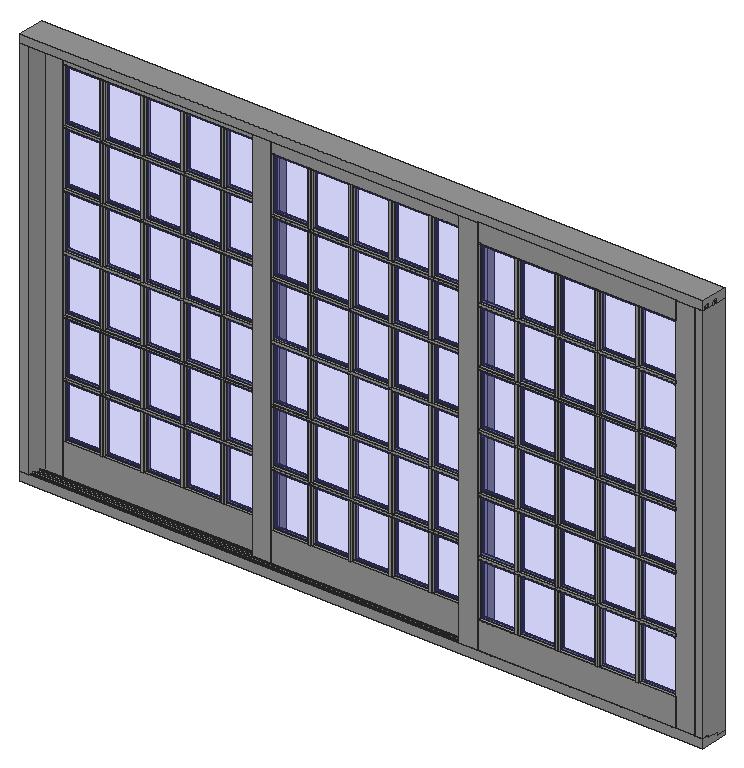
Revit family "VSD3.6SPTS LH", category Doors, host Wall, Revit 2015 (continued)
Forms (mm)
  Sweep 63, solid, material "Lauan, Meranti"
    path origin (625.308, -120, -1078.763) x (-1, 0, 0) y (0, 0, -1)
      loop
        line (315.535, -2740.763) -> (513.395, -2740.763) -> (513.395, -2456.763) -> (315.535, -2456.763) -> (315.535, -2740.763)
    profile origin (210.843, -120, 1662) x (0, 0, -1) y (0, -1, 0)
      loop
        line (9, -124.5) -> (0, -124.5) -> (0, -132.5)
        arc (0, -132.5) -> (4.67, -130.866) -> (7, -126.5) r 6.807
        line (7, -126.5) -> (9, -126.5) -> (9, -124.5)
  Sweep 64, solid, material "Lauan, Meranti"
    path origin (836.168, -120, -1078.763) x (-1, 0, 0) y (0, 0, -1)
      loop
        line (315.535, -2740.763) -> (513.395, -2740.763) -> (513.395, -2456.763) -> (315.535, -2456.763) -> (315.535, -2740.763)
    profile origin (421.703, -120, 1662) x (0, 0, -1) y (0, -1, 0)
      loop
        line (9, -124.5) -> (0, -124.5) -> (0, -132.5)
        arc (0, -132.5) -> (4.67, -130.866) -> (7, -126.5) r 6.807
        line (7, -126.5) -> (9, -126.5) -> (9, -124.5)
  Sweep 65, solid, material "Lauan, Meranti"
    path origin (-7.272, -120, -1375.763) x (-1, 0, 0) y (0, 0, -1)
      loop
        line (315.535, -2740.763) -> (513.395, -2740.763) -> (513.395, -2456.763) -> (315.535, -2456.763) -> (315.535, -2740.763)
    profile origin (-421.737, -120, 1365) x (0, 0, -1) y (0, -1, 0)
      loop
        line (9, -124.5) -> (0, -124.5) -> (0, -132.5)
        arc (0, -132.5) -> (4.67, -130.866) -> (7, -126.5) r 6.807
        line (7, -126.5) -> (9, -126.5) -> (9, -124.5)
  Extrusion 66, solid, material "Lauan, Meranti"
    sketch origin (248.333, -45, -594) x (-1, 0, 0) y (0, -1, 0)
      loop
        line (558.14, -31) -> (558.14, -33)
        arc (558.14, -33) -> (553.47, -34.634) -> (551.14, -39) r 6.807
        line (551.14, -39) -> (549.14, -39) -> (549.14, -41) -> (558.14, -41) -> (558.14, -71) -> (571.14, -71) -> (571.14, -41) -> (580.14, -41) -> (580.14, -39) -> (578.14, -39)
        arc (578.14, -39) -> (575.81, -34.634) -> (571.14, -33) r 6.807
        line (571.14, -33) -> (571.14, -31) -> (558.14, -31)
      loop
        line (347.28, -31) -> (347.28, -33)
        arc (347.28, -33) -> (342.61, -34.634) -> (340.28, -39) r 6.807
        line (340.28, -39) -> (338.28, -39) -> (338.28, -41) -> (347.28, -41) -> (347.28, -71) -> (360.28, -71) -> (360.28, -41) -> (369.28, -41) -> (369.28, -39) -> (367.28, -39)
        arc (367.28, -39) -> (364.95, -34.634) -> (360.28, -33) r 6.807
        line (360.28, -33) -> (360.28, -31) -> (347.28, -31)
      loop
        line (136.42, -31) -> (136.42, -33)
        arc (136.42, -33) -> (131.75, -34.634) -> (129.42, -39) r 6.807
        line (129.42, -39) -> (127.42, -39) -> (127.42, -41) -> (136.42, -41) -> (136.42, -71) -> (149.42, -71) -> (149.42, -41) -> (158.42, -41) -> (158.42, -39) -> (156.42, -39)
        arc (156.42, -39) -> (154.09, -34.634) -> (149.42, -33) r 6.807
        line (149.42, -33) -> (149.42, -31) -> (136.42, -31)
      loop
        line (-74.44, -31) -> (-74.44, -33)
        arc (-74.44, -33) -> (-79.11, -34.634) -> (-81.44, -39) r 6.807
        line (-81.44, -39) -> (-83.44, -39) -> (-83.44, -41) -> (-74.44, -41) -> (-74.44, -71) -> (-61.44, -71) -> (-61.44, -41) -> (-52.44, -41) -> (-52.44, -39) -> (-54.44, -39)
        arc (-54.44, -39) -> (-56.77, -34.634) -> (-61.44, -33) r 6.807
        line (-61.44, -33) -> (-61.44, -31) -> (-74.44, -31)
    from 1675 to 1959
  Sweep 67, solid, material "Lauan, Meranti"
    path origin (203.588, -120, -1375.763) x (-1, 0, 0) y (0, 0, -1)
      loop
        line (315.535, -2740.763) -> (513.395, -2740.763) -> (513.395, -2456.763) -> (315.535, -2456.763) -> (315.535, -2740.763)
    profile origin (-210.877, -120, 1365) x (0, 0, -1) y (0, -1, 0)
      loop
        line (9, -124.5) -> (0, -124.5) -> (0, -132.5)
        arc (0, -132.5) -> (4.67, -130.866) -> (7, -126.5) r 6.807
        line (7, -126.5) -> (9, -126.5) -> (9, -124.5)
  Sweep 68, solid, material "Lauan, Meranti"
    path origin (414.448, -120, -1375.763) x (-1, 0, 0) y (0, 0, -1)
      loop
        line (315.535, -2740.763) -> (513.395, -2740.763) -> (513.395, -2456.763) -> (315.535, -2456.763) -> (315.535, -2740.763)
    profile origin (-0.017, -120, 1365) x (0, 0, -1) y (0, -1, 0)
      loop
        line (9, -124.5) -> (0, -124.5) -> (0, -132.5)
        arc (0, -132.5) -> (4.67, -130.866) -> (7, -126.5) r 6.807
        line (7, -126.5) -> (9, -126.5) -> (9, -124.5)
  Sweep 69, solid, material "Lauan, Meranti"
    path origin (625.308, -120, -1375.763) x (-1, 0, 0) y (0, 0, -1)
      loop
        line (315.535, -2740.763) -> (513.395, -2740.763) -> (513.395, -2456.763) -> (315.535, -2456.763) -> (315.535, -2740.763)
    profile origin (210.843, -120, 1365) x (0, 0, -1) y (0, -1, 0)
      loop
        line (9, -124.5) -> (0, -124.5) -> (0, -132.5)
        arc (0, -132.5) -> (4.67, -130.866) -> (7, -126.5) r 6.807
        line (7, -126.5) -> (9, -126.5) -> (9, -124.5)
  Sweep 70, solid, material "Lauan, Meranti"
    path origin (836.168, -120, -1375.763) x (-1, 0, 0) y (0, 0, -1)
      loop
        line (315.535, -2740.763) -> (513.395, -2740.763) -> (513.395, -2456.763) -> (315.535, -2456.763) -> (315.535, -2740.763)
    profile origin (421.703, -120, 1365) x (0, 0, -1) y (0, -1, 0)
      loop
        line (9, -124.5) -> (0, -124.5) -> (0, -132.5)
        arc (0, -132.5) -> (4.67, -130.866) -> (7, -126.5) r 6.807
        line (7, -126.5) -> (9, -126.5) -> (9, -124.5)
  Sweep 71, solid, material "Lauan, Meranti"
    path origin (-7.272, -120, -1672.763) x (-1, 0, 0) y (0, 0, -1)
      loop
        line (315.535, -2740.763) -> (513.395, -2740.763) -> (513.395, -2456.763) -> (315.535, -2456.763) -> (315.535, -2740.763)
    profile origin (-421.737, -120, 1068) x (0, 0, -1) y (0, -1, 0)
      loop
        line (9, -124.5) -> (0, -124.5) -> (0, -132.5)
        arc (0, -132.5) -> (4.67, -130.866) -> (7, -126.5) r 6.807
        line (7, -126.5) -> (9, -126.5) -> (9, -124.5)
  Extrusion 72, solid, material "Lauan, Meranti"
    sketch origin (248.333, -45, -891) x (-1, 0, 0) y (0, -1, 0)
      loop
        line (558.14, -31) -> (558.14, -33)
        arc (558.14, -33) -> (553.47, -34.634) -> (551.14, -39) r 6.807
        line (551.14, -39) -> (549.14, -39) -> (549.14, -41) -> (558.14, -41) -> (558.14, -71) -> (571.14, -71) -> (571.14, -41) -> (580.14, -41) -> (580.14, -39) -> (578.14, -39)
        arc (578.14, -39) -> (575.81, -34.634) -> (571.14, -33) r 6.807
        line (571.14, -33) -> (571.14, -31) -> (558.14, -31)
      loop
        line (347.28, -31) -> (347.28, -33)
        arc (347.28, -33) -> (342.61, -34.634) -> (340.28, -39) r 6.807
        line (340.28, -39) -> (338.28, -39) -> (338.28, -41) -> (347.28, -41) -> (347.28, -71) -> (360.28, -71) -> (360.28, -41) -> (369.28, -41) -> (369.28, -39) -> (367.28, -39)
        arc (367.28, -39) -> (364.95, -34.634) -> (360.28, -33) r 6.807
        line (360.28, -33) -> (360.28, -31) -> (347.28, -31)
      loop
        line (136.42, -31) -> (136.42, -33)
        arc (136.42, -33) -> (131.75, -34.634) -> (129.42, -39) r 6.807
        line (129.42, -39) -> (127.42, -39) -> (127.42, -41) -> (136.42, -41) -> (136.42, -71) -> (149.42, -71) -> (149.42, -41) -> (158.42, -41) -> (158.42, -39) -> (156.42, -39)
        arc (156.42, -39) -> (154.09, -34.634) -> (149.42, -33) r 6.807
        line (149.42, -33) -> (149.42, -31) -> (136.42, -31)
      loop
        line (-74.44, -31) -> (-74.44, -33)
        arc (-74.44, -33) -> (-79.11, -34.634) -> (-81.44, -39) r 6.807
        line (-81.44, -39) -> (-83.44, -39) -> (-83.44, -41) -> (-74.44, -41) -> (-74.44, -71) -> (-61.44, -71) -> (-61.44, -41) -> (-52.44, -41) -> (-52.44, -39) -> (-54.44, -39)
        arc (-54.44, -39) -> (-56.77, -34.634) -> (-61.44, -33) r 6.807
        line (-61.44, -33) -> (-61.44, -31) -> (-74.44, -31)
    from 1675 to 1959
  Sweep 73, solid, material "Lauan, Meranti"
    path origin (203.588, -120, -1672.763) x (-1, 0, 0) y (0, 0, -1)
      loop
        line (315.535, -2740.763) -> (513.395, -2740.763) -> (513.395, -2456.763) -> (315.535, -2456.763) -> (315.535, -2740.763)
    profile origin (-210.877, -120, 1068) x (0, 0, -1) y (0, -1, 0)
      loop
        line (9, -124.5) -> (0, -124.5) -> (0, -132.5)
        arc (0, -132.5) -> (4.67, -130.866) -> (7, -126.5) r 6.807
        line (7, -126.5) -> (9, -126.5) -> (9, -124.5)
  Sweep 74, solid, material "Lauan, Meranti"
    path origin (414.448, -120, -1672.763) x (-1, 0, 0) y (0, 0, -1)
      loop
        line (315.535, -2740.763) -> (513.395, -2740.763) -> (513.395, -2456.763) -> (315.535, -2456.763) -> (315.535, -2740.763)
    profile origin (-0.017, -120, 1068) x (0, 0, -1) y (0, -1, 0)
      loop
        line (9, -124.5) -> (0, -124.5) -> (0, -132.5)
        arc (0, -132.5) -> (4.67, -130.866) -> (7, -126.5) r 6.807
        line (7, -126.5) -> (9, -126.5) -> (9, -124.5)
  Sweep 75, solid, material "Lauan, Meranti"
    path origin (625.308, -120, -1672.763) x (-1, 0, 0) y (0, 0, -1)
      loop
        line (315.535, -2740.763) -> (513.395, -2740.763) -> (513.395, -2456.763) -> (315.535, -2456.763) -> (315.535, -2740.763)
    profile origin (210.843, -120, 1068) x (0, 0, -1) y (0, -1, 0)
      loop
        line (9, -124.5) -> (0, -124.5) -> (0, -132.5)
        arc (0, -132.5) -> (4.67, -130.866) -> (7, -126.5) r 6.807
        line (7, -126.5) -> (9, -126.5) -> (9, -124.5)
  Sweep 76, solid, material "Lauan, Meranti"
    path origin (836.168, -120, -1672.763) x (-1, 0, 0) y (0, 0, -1)
      loop
        line (315.535, -2740.763) -> (513.395, -2740.763) -> (513.395, -2456.763) -> (315.535, -2456.763) -> (315.535, -2740.763)
    profile origin (421.703, -120, 1068) x (0, 0, -1) y (0, -1, 0)
      loop
        line (9, -124.5) -> (0, -124.5) -> (0, -132.5)
        arc (0, -132.5) -> (4.67, -130.866) -> (7, -126.5) r 6.807
        line (7, -126.5) -> (9, -126.5) -> (9, -124.5)
  Sweep 77, solid, material "Lauan, Meranti"
    path origin (-7.272, -120, -1969.763) x (-1, 0, 0) y (0, 0, -1)
      loop
        line (315.535, -2740.763) -> (513.395, -2740.763) -> (513.395, -2456.763) -> (315.535, -2456.763) -> (315.535, -2740.763)
    profile origin (-421.737, -120, 771) x (0, 0, -1) y (0, -1, 0)
      loop
        line (9, -124.5) -> (0, -124.5) -> (0, -132.5)
        arc (0, -132.5) -> (4.67, -130.866) -> (7, -126.5) r 6.807
        line (7, -126.5) -> (9, -126.5) -> (9, -124.5)
  Extrusion 78, solid, material "Lauan, Meranti"
    sketch origin (248.333, -45, -1188) x (-1, 0, 0) y (0, -1, 0)
      loop
        line (558.14, -31) -> (558.14, -33)
        arc (558.14, -33) -> (553.47, -34.634) -> (551.14, -39) r 6.807
        line (551.14, -39) -> (549.14, -39) -> (549.14, -41) -> (558.14, -41) -> (558.14, -71) -> (571.14, -71) -> (571.14, -41) -> (580.14, -41) -> (580.14, -39) -> (578.14, -39)
        arc (578.14, -39) -> (575.81, -34.634) -> (571.14, -33) r 6.807
        line (571.14, -33) -> (571.14, -31) -> (558.14, -31)
      loop
        line (347.28, -31) -> (347.28, -33)
        arc (347.28, -33) -> (342.61, -34.634) -> (340.28, -39) r 6.807
        line (340.28, -39) -> (338.28, -39) -> (338.28, -41) -> (347.28, -41) -> (347.28, -71) -> (360.28, -71) -> (360.28, -41) -> (369.28, -41) -> (369.28, -39) -> (367.28, -39)
        arc (367.28, -39) -> (364.95, -34.634) -> (360.28, -33) r 6.807
        line (360.28, -33) -> (360.28, -31) -> (347.28, -31)
      loop
        line (136.42, -31) -> (136.42, -33)
        arc (136.42, -33) -> (131.75, -34.634) -> (129.42, -39) r 6.807
        line (129.42, -39) -> (127.42, -39) -> (127.42, -41) -> (136.42, -41) -> (136.42, -71) -> (149.42, -71) -> (149.42, -41) -> (158.42, -41) -> (158.42, -39) -> (156.42, -39)
        arc (156.42, -39) -> (154.09, -34.634) -> (149.42, -33) r 6.807
        line (149.42, -33) -> (149.42, -31) -> (136.42, -31)
      loop
        line (-74.44, -31) -> (-74.44, -33)
        arc (-74.44, -33) -> (-79.11, -34.634) -> (-81.44, -39) r 6.807
        line (-81.44, -39) -> (-83.44, -39) -> (-83.44, -41) -> (-74.44, -41) -> (-74.44, -71) -> (-61.44, -71) -> (-61.44, -41) -> (-52.44, -41) -> (-52.44, -39) -> (-54.44, -39)
        arc (-54.44, -39) -> (-56.77, -34.634) -> (-61.44, -33) r 6.807
        line (-61.44, -33) -> (-61.44, -31) -> (-74.44, -31)
    from 1675 to 1959
  Sweep 79, solid, material "Lauan, Meranti"
    path origin (203.588, -120, -1969.763) x (-1, 0, 0) y (0, 0, -1)
      loop
        line (315.535, -2740.763) -> (513.395, -2740.763) -> (513.395, -2456.763) -> (315.535, -2456.763) -> (315.535, -2740.763)
    profile origin (-210.877, -120, 771) x (0, 0, -1) y (0, -1, 0)
      loop
        line (9, -124.5) -> (0, -124.5) -> (0, -132.5)
        arc (0, -132.5) -> (4.67, -130.866) -> (7, -126.5) r 6.807
        line (7, -126.5) -> (9, -126.5) -> (9, -124.5)
  Sweep 80, solid, material "Lauan, Meranti"
    path origin (414.448, -120, -1969.763) x (-1, 0, 0) y (0, 0, -1)
      loop
        line (315.535, -2740.763) -> (513.395, -2740.763) -> (513.395, -2456.763) -> (315.535, -2456.763) -> (315.535, -2740.763)
    profile origin (-0.017, -120, 771) x (0, 0, -1) y (0, -1, 0)
      loop
        line (9, -124.5) -> (0, -124.5) -> (0, -132.5)
        arc (0, -132.5) -> (4.67, -130.866) -> (7, -126.5) r 6.807
        line (7, -126.5) -> (9, -126.5) -> (9, -124.5)
  Sweep 81, solid, material "Lauan, Meranti"
    path origin (625.308, -120, -1969.763) x (-1, 0, 0) y (0, 0, -1)
      loop
        line (315.535, -2740.763) -> (513.395, -2740.763) -> (513.395, -2456.763) -> (315.535, -2456.763) -> (315.535, -2740.763)
    profile origin (210.843, -120, 771) x (0, 0, -1) y (0, -1, 0)
      loop
        line (9, -124.5) -> (0, -124.5) -> (0, -132.5)
        arc (0, -132.5) -> (4.67, -130.866) -> (7, -126.5) r 6.807
        line (7, -126.5) -> (9, -126.5) -> (9, -124.5)
  Sweep 82, solid, material "Lauan, Meranti"
    path origin (836.168, -120, -1969.763) x (-1, 0, 0) y (0, 0, -1)
      loop
        line (315.535, -2740.763) -> (513.395, -2740.763) -> (513.395, -2456.763) -> (315.535, -2456.763) -> (315.535, -2740.763)
    profile origin (421.703, -120, 771) x (0, 0, -1) y (0, -1, 0)
      loop
        line (9, -124.5) -> (0, -124.5) -> (0, -132.5)
        arc (0, -132.5) -> (4.67, -130.866) -> (7, -126.5) r 6.807
        line (7, -126.5) -> (9, -126.5) -> (9, -124.5)
  Sweep 83, solid, material "Lauan, Meranti"
    path origin (-7.272, -120, -2266.763) x (-1, 0, 0) y (0, 0, -1)
      loop
        line (315.535, -2740.763) -> (513.395, -2740.763) -> (513.395, -2456.763) -> (315.535, -2456.763) -> (315.535, -2740.763)
    profile origin (-421.737, -120, 474) x (0, 0, -1) y (0, -1, 0)
      loop
        line (9, -124.5) -> (0, -124.5) -> (0, -132.5)
        arc (0, -132.5) -> (4.67, -130.866) -> (7, -126.5) r 6.807
        line (7, -126.5) -> (9, -126.5) -> (9, -124.5)
  Extrusion 84, solid, material "Lauan, Meranti"
    sketch origin (248.333, -45, -1485) x (-1, 0, 0) y (0, -1, 0)
      loop
        line (558.14, -31) -> (558.14, -33)
        arc (558.14, -33) -> (553.47, -34.634) -> (551.14, -39) r 6.807
        line (551.14, -39) -> (549.14, -39) -> (549.14, -41) -> (558.14, -41) -> (558.14, -71) -> (571.14, -71) -> (571.14, -41) -> (580.14, -41) -> (580.14, -39) -> (578.14, -39)
        arc (578.14, -39) -> (575.81, -34.634) -> (571.14, -33) r 6.807
        line (571.14, -33) -> (571.14, -31) -> (558.14, -31)
      loop
        line (347.28, -31) -> (347.28, -33)
        arc (347.28, -33) -> (342.61, -34.634) -> (340.28, -39) r 6.807
        line (340.28, -39) -> (338.28, -39) -> (338.28, -41) -> (347.28, -41) -> (347.28, -71) -> (360.28, -71) -> (360.28, -41) -> (369.28, -41) -> (369.28, -39) -> (367.28, -39)
        arc (367.28, -39) -> (364.95, -34.634) -> (360.28, -33) r 6.807
        line (360.28, -33) -> (360.28, -31) -> (347.28, -31)
      loop
        line (136.42, -31) -> (136.42, -33)
        arc (136.42, -33) -> (131.75, -34.634) -> (129.42, -39) r 6.807
        line (129.42, -39) -> (127.42, -39) -> (127.42, -41) -> (136.42, -41) -> (136.42, -71) -> (149.42, -71) -> (149.42, -41) -> (158.42, -41) -> (158.42, -39) -> (156.42, -39)
        arc (156.42, -39) -> (154.09, -34.634) -> (149.42, -33) r 6.807
        line (149.42, -33) -> (149.42, -31) -> (136.42, -31)
      loop
        line (-74.44, -31) -> (-74.44, -33)
        arc (-74.44, -33) -> (-79.11, -34.634) -> (-81.44, -39) r 6.807
        line (-81.44, -39) -> (-83.44, -39) -> (-83.44, -41) -> (-74.44, -41) -> (-74.44, -71) -> (-61.44, -71) -> (-61.44, -41) -> (-52.44, -41) -> (-52.44, -39) -> (-54.44, -39)
        arc (-54.44, -39) -> (-56.77, -34.634) -> (-61.44, -33) r 6.807
        line (-61.44, -33) -> (-61.44, -31) -> (-74.44, -31)
    from 1675 to 1959
  Sweep 85, solid, material "Lauan, Meranti"
    path origin (203.588, -120, -2266.763) x (-1, 0, 0) y (0, 0, -1)
      loop
        line (315.535, -2740.763) -> (513.395, -2740.763) -> (513.395, -2456.763) -> (315.535, -2456.763) -> (315.535, -2740.763)
    profile origin (-210.877, -120, 474) x (0, 0, -1) y (0, -1, 0)
      loop
        line (9, -124.5) -> (0, -124.5) -> (0, -132.5)
        arc (0, -132.5) -> (4.67, -130.866) -> (7, -126.5) r 6.807
        line (7, -126.5) -> (9, -126.5) -> (9, -124.5)
  Sweep 86, solid, material "Lauan, Meranti"
    path origin (414.448, -120, -2266.763) x (-1, 0, 0) y (0, 0, -1)
      loop
        line (315.535, -2740.763) -> (513.395, -2740.763) -> (513.395, -2456.763) -> (315.535, -2456.763) -> (315.535, -2740.763)
    profile origin (-0.017, -120, 474) x (0, 0, -1) y (0, -1, 0)
      loop
        line (9, -124.5) -> (0, -124.5) -> (0, -132.5)
        arc (0, -132.5) -> (4.67, -130.866) -> (7, -126.5) r 6.807
        line (7, -126.5) -> (9, -126.5) -> (9, -124.5)
  Sweep 87, solid, material "Lauan, Meranti"
    path origin (625.308, -120, -2266.763) x (-1, 0, 0) y (0, 0, -1)
      loop
        line (315.535, -2740.763) -> (513.395, -2740.763) -> (513.395, -2456.763) -> (315.535, -2456.763) -> (315.535, -2740.763)
    profile origin (210.843, -120, 474) x (0, 0, -1) y (0, -1, 0)
      loop
        line (9, -124.5) -> (0, -124.5) -> (0, -132.5)
        arc (0, -132.5) -> (4.67, -130.866) -> (7, -126.5) r 6.807
        line (7, -126.5) -> (9, -126.5) -> (9, -124.5)
  Sweep 88, solid, material "Lauan, Meranti"
    path origin (836.168, -120, -2266.763) x (-1, 0, 0) y (0, 0, -1)
      loop
        line (315.535, -2740.763) -> (513.395, -2740.763) -> (513.395, -2456.763) -> (315.535, -2456.763) -> (315.535, -2740.763)
    profile origin (421.703, -120, 474) x (0, 0, -1) y (0, -1, 0)
      loop
        line (9, -124.5) -> (0, -124.5) -> (0, -132.5)
        arc (0, -132.5) -> (4.67, -130.866) -> (7, -126.5) r 6.807
        line (7, -126.5) -> (9, -126.5) -> (9, -124.5)
  Extrusion 89, solid, material "Lauan, Meranti"
    sketch origin (356.667, -54.5, 0) x (0, 1, 0) y (0, 0, -1)
      loop
        line (-15.5, -190) -> (-13.5, -190)
        arc (-13.5, -190) -> (-11.866, -194.67) -> (-7.5, -197) r 6.807
        line (-7.5, -197) -> (-7.5, -199) -> (-5.5, -199) -> (-5.5, -190) -> (24.5, -190) -> (24.5, -45) -> (-15.5, -45) -> (-15.5, -190)
      loop
        arc (-7.5, -1952) -> (-11.866, -1954.33) -> (-13.5, -1959) r 6.807
        line (-13.5, -1959) -> (-15.5, -1959) -> (-15.5, -2055) -> (24.5, -2055) -> (24.5, -1959) -> (-5.5, -1959) -> (-5.5, -1950) -> (-7.5, -1950) -> (-7.5, -1952)
      loop
        line (-15.5, -1675) -> (-13.5, -1675)
        arc (-13.5, -1675) -> (-11.866, -1679.67) -> (-7.5, -1682) r 6.807
        line (-7.5, -1682) -> (-7.5, -1684) -> (-5.5, -1684) -> (-5.5, -1675) -> (24.5, -1675) -> (24.5, -1662) -> (-5.5, -1662) -> (-5.5, -1653) -> (-7.5, -1653) -> (-7.5, -1655)
        arc (-7.5, -1655) -> (-11.866, -1657.33) -> (-13.5, -1662) r 6.807
        line (-13.5, -1662) -> (-15.5, -1662) -> (-15.5, -1675)
      loop
        line (-15.5, -1378) -> (-13.5, -1378)
        arc (-13.5, -1378) -> (-11.866, -1382.67) -> (-7.5, -1385) r 6.807
        line (-7.5, -1385) -> (-7.5, -1387) -> (-5.5, -1387) -> (-5.5, -1378) -> (24.5, -1378) -> (24.5, -1365) -> (-5.5, -1365) -> (-5.5, -1356) -> (-7.5, -1356) -> (-7.5, -1358)
        arc (-7.5, -1358) -> (-11.866, -1360.33) -> (-13.5, -1365) r 6.807
        line (-13.5, -1365) -> (-15.5, -1365) -> (-15.5, -1378)
      loop
        line (-15.5, -1081) -> (-13.5, -1081)
        arc (-13.5, -1081) -> (-11.866, -1085.67) -> (-7.5, -1088) r 6.807
        line (-7.5, -1088) -> (-7.5, -1090) -> (-5.5, -1090) -> (-5.5, -1081) -> (24.5, -1081) -> (24.5, -1068) -> (-5.5, -1068) -> (-5.5, -1059) -> (-7.5, -1059) -> (-7.5, -1061)
        arc (-7.5, -1061) -> (-11.866, -1063.33) -> (-13.5, -1068) r 6.807
        line (-13.5, -1068) -> (-15.5, -1068) -> (-15.5, -1081)
      loop
        line (-15.5, -784) -> (-13.5, -784)
        arc (-13.5, -784) -> (-11.866, -788.67) -> (-7.5, -791) r 6.807
        line (-7.5, -791) -> (-7.5, -793) -> (-5.5, -793) -> (-5.5, -784) -> (24.5, -784) -> (24.5, -771) -> (-5.5, -771) -> (-5.5, -762) -> (-7.5, -762) -> (-7.5, -764)
        arc (-7.5, -764) -> (-11.866, -766.33) -> (-13.5, -771) r 6.807
        line (-13.5, -771) -> (-15.5, -771) -> (-15.5, -784)
      loop
        line (-15.5, -487) -> (-13.5, -487)
        arc (-13.5, -487) -> (-11.866, -491.67) -> (-7.5, -494) r 6.807
        line (-7.5, -494) -> (-7.5, -496) -> (-5.5, -496) -> (-5.5, -487) -> (24.5, -487) -> (24.5, -474) -> (-5.5, -474) -> (-5.5, -465) -> (-7.5, -465) -> (-7.5, -467)
        arc (-7.5, -467) -> (-11.866, -469.33) -> (-13.5, -474) r 6.807
        line (-13.5, -474) -> (-15.5, -474) -> (-15.5, -487)
    from -1292.333 to -251
  Sweep 90, solid, material "Lauan, Meranti"
    path origin (1121.061, -176, -781.763) x (-1, 0, 0) y (0, 0, -1)
      loop
        line (315.535, -2740.763) -> (513.395, -2740.763) -> (513.395, -2456.763) -> (315.535, -2456.763) -> (315.535, -2740.763)
    profile origin (706.597, -176, 1959) x (0, 0, -1) y (0, -1, 0)
      loop
        line (9, -124.5) -> (0, -124.5) -> (0, -132.5)
        arc (0, -132.5) -> (4.67, -130.866) -> (7, -126.5) r 6.807
        line (7, -126.5) -> (9, -126.5) -> (9, -124.5)
  Extrusion 91, solid, material "Glass"
    sketch origin (848.542, -165.05, -73.649) x (-1, 0, 0) y (0, 0, -1)
      loop
        line (240.875, -2032.649) -> (240.875, -1748.649) -> (43.015, -1748.649) -> (43.015, -2032.649) -> (240.875, -2032.649)
      loop
        line (30.015, -2032.649) -> (30.015, -1748.649) -> (-167.845, -1748.649) -> (-167.845, -2032.649) -> (30.015, -2032.649)
      loop
        line (-180.845, -2032.649) -> (-180.845, -1748.649) -> (-378.705, -1748.649) -> (-378.705, -2032.649) -> (-180.845, -2032.649)
      loop
        line (-391.715, -2032.637) -> (-391.715, -1748.649) -> (-589.565, -1748.649) -> (-589.565, -2032.637) -> (-391.715, -2032.637)
      loop
        line (-602.565, -2032.649) -> (-602.565, -1748.649) -> (-800.458, -1748.649) -> (-800.458, -2032.649) -> (-602.565, -2032.649)
      loop
        line (240.875, -1735.649) -> (240.875, -1451.649) -> (43.015, -1451.649) -> (43.015, -1735.649) -> (240.875, -1735.649)
      loop
        line (30.015, -1735.649) -> (30.015, -1451.649) -> (-167.845, -1451.649) -> (-167.845, -1735.649) -> (30.015, -1735.649)
      loop
        line (-180.845, -1735.649) -> (-180.845, -1451.649) -> (-378.705, -1451.649) -> (-378.705, -1735.649) -> (-180.845, -1735.649)
      loop
        line (-391.715, -1735.637) -> (-391.715, -1451.649) -> (-589.565, -1451.649) -> (-589.565, -1735.637) -> (-391.715, -1735.637)
      loop
        line (-602.565, -1735.649) -> (-602.565, -1451.649) -> (-800.458, -1451.649) -> (-800.458, -1735.649) -> (-602.565, -1735.649)
      loop
        line (240.875, -1438.649) -> (240.875, -1154.649) -> (43.015, -1154.649) -> (43.015, -1438.649) -> (240.875, -1438.649)
      loop
        line (30.015, -1438.649) -> (30.015, -1154.649) -> (-167.845, -1154.649) -> (-167.845, -1438.649) -> (30.015, -1438.649)
      loop
        line (-180.845, -1438.649) -> (-180.845, -1154.649) -> (-378.705, -1154.649) -> (-378.705, -1438.649) -> (-180.845, -1438.649)
      loop
        line (-391.715, -1438.637) -> (-391.715, -1154.649) -> (-589.565, -1154.649) -> (-589.565, -1438.637) -> (-391.715, -1438.637)
      loop
        line (-602.565, -1438.649) -> (-602.565, -1154.649) -> (-800.458, -1154.649) -> (-800.458, -1438.649) -> (-602.565, -1438.649)
      loop
        line (240.875, -1141.649) -> (240.875, -857.649) -> (43.015, -857.649) -> (43.015, -1141.649) -> (240.875, -1141.649)
      loop
        line (30.015, -1141.649) -> (30.015, -857.649) -> (-167.845, -857.649) -> (-167.845, -1141.649) -> (30.015, -1141.649)
      loop
        line (-180.845, -1141.649) -> (-180.845, -857.649) -> (-378.705, -857.649) -> (-378.705, -1141.649) -> (-180.845, -1141.649)
      loop
        line (-391.715, -1141.637) -> (-391.715, -857.649) -> (-589.565, -857.649) -> (-589.565, -1141.637) -> (-391.715, -1141.637)
      loop
        line (-602.565, -1141.649) -> (-602.565, -857.649) -> (-800.458, -857.649) -> (-800.458, -1141.649) -> (-602.565, -1141.649)
      loop
        line (240.875, -844.649) -> (240.875, -560.649) -> (43.015, -560.649) -> (43.015, -844.649) -> (240.875, -844.649)
      loop
        line (30.015, -844.649) -> (30.015, -560.649) -> (-167.845, -560.649) -> (-167.845, -844.649) -> (30.015, -844.649)
      loop
        line (-180.845, -844.649) -> (-180.845, -560.649) -> (-378.705, -560.649) -> (-378.705, -844.649) -> (-180.845, -844.649)
      loop
        line (-391.715, -844.637) -> (-391.715, -560.649) -> (-589.565, -560.649) -> (-589.565, -844.637) -> (-391.715, -844.637)
      loop
        line (-602.565, -844.649) -> (-602.565, -560.649) -> (-800.458, -560.649) -> (-800.458, -844.649) -> (-602.565, -844.649)
      loop
        line (240.875, -547.649) -> (240.875, -263.649) -> (43.015, -263.649) -> (43.015, -547.649) -> (240.875, -547.649)
      loop
        line (30.015, -547.649) -> (30.015, -263.649) -> (-167.845, -263.649) -> (-167.845, -547.649) -> (30.015, -547.649)
      loop
        line (-180.845, -547.649) -> (-180.845, -263.649) -> (-378.705, -263.649) -> (-378.705, -547.649) -> (-180.845, -547.649)
      loop
        line (-391.715, -547.637) -> (-391.715, -263.649) -> (-589.565, -263.649) -> (-589.565, -547.637) -> (-391.715, -547.637)
      loop
        line (-602.565, -547.649) -> (-602.565, -263.649) -> (-800.458, -263.649) -> (-800.458, -547.649) -> (-602.565, -547.649)
    from -112.5 to -106.1
  Extrusion 92, solid, material "Lauan, Meranti"
    sketch origin (1376.667, -101, 0) x (-1, 0, 0) y (0, -1, 0)
      loop
        line (558.14, -31) -> (558.14, -33)
        arc (558.14, -33) -> (553.47, -34.634) -> (551.14, -39) r 6.807
        line (551.14, -39) -> (549.14, -39) -> (549.14, -41) -> (558.14, -41) -> (558.14, -71) -> (571.14, -71) -> (571.14, -41) -> (580.14, -41) -> (580.14, -39) -> (578.14, -39)
        arc (578.14, -39) -> (575.81, -34.634) -> (571.14, -33) r 6.807
        line (571.14, -33) -> (571.14, -31) -> (558.14, -31)
      loop
        line (347.28, -31) -> (347.28, -33)
        arc (347.28, -33) -> (342.61, -34.634) -> (340.28, -39) r 6.807
        line (340.28, -39) -> (338.28, -39) -> (338.28, -41) -> (347.28, -41) -> (347.28, -71) -> (360.28, -71) -> (360.28, -41) -> (369.28, -41) -> (369.28, -39) -> (367.28, -39)
        arc (367.28, -39) -> (364.95, -34.634) -> (360.28, -33) r 6.807
        line (360.28, -33) -> (360.28, -31) -> (347.28, -31)
      loop
        line (136.42, -31) -> (136.42, -33)
        arc (136.42, -33) -> (131.75, -34.634) -> (129.42, -39) r 6.807
        line (129.42, -39) -> (127.42, -39) -> (127.42, -41) -> (136.42, -41) -> (136.42, -71) -> (149.42, -71) -> (149.42, -41) -> (158.42, -41) -> (158.42, -39) -> (156.42, -39)
        arc (156.42, -39) -> (154.09, -34.634) -> (149.42, -33) r 6.807
        line (149.42, -33) -> (149.42, -31) -> (136.42, -31)
      loop
        line (-74.44, -31) -> (-74.44, -33)
        arc (-74.44, -33) -> (-79.11, -34.634) -> (-81.44, -39) r 6.807
        line (-81.44, -39) -> (-83.44, -39) -> (-83.44, -41) -> (-74.44, -41) -> (-74.44, -71) -> (-61.44, -71) -> (-61.44, -41) -> (-52.44, -41) -> (-52.44, -39) -> (-54.44, -39)
        arc (-54.44, -39) -> (-56.77, -34.634) -> (-61.44, -33) r 6.807
        line (-61.44, -33) -> (-61.44, -31) -> (-74.44, -31)
    from 1675 to 1959
  Sweep 93, solid, material "Lauan, Meranti"
    path origin (1331.921, -176, -781.763) x (-1, 0, 0) y (0, 0, -1)
      loop
        line (315.535, -2740.763) -> (513.395, -2740.763) -> (513.395, -2456.763) -> (315.535, -2456.763) -> (315.535, -2740.763)
    profile origin (917.457, -176, 1959) x (0, 0, -1) y (0, -1, 0)
      loop
        line (9, -124.5) -> (0, -124.5) -> (0, -132.5)
        arc (0, -132.5) -> (4.67, -130.866) -> (7, -126.5) r 6.807
        line (7, -126.5) -> (9, -126.5) -> (9, -124.5)
  Sweep 94, solid, material "Lauan, Meranti"
    path origin (1542.781, -176, -781.763) x (-1, 0, 0) y (0, 0, -1)
      loop
        line (315.535, -2740.763) -> (513.395, -2740.763) -> (513.395, -2456.763) -> (315.535, -2456.763) -> (315.535, -2740.763)
    profile origin (1128.317, -176, 1959) x (0, 0, -1) y (0, -1, 0)
      loop
        line (9, -124.5) -> (0, -124.5) -> (0, -132.5)
        arc (0, -132.5) -> (4.67, -130.866) -> (7, -126.5) r 6.807
        line (7, -126.5) -> (9, -126.5) -> (9, -124.5)
  Sweep 95, solid, material "Lauan, Meranti"
    path origin (1753.641, -176, -781.763) x (-1, 0, 0) y (0, 0, -1)
      loop
        line (315.535, -2740.763) -> (513.395, -2740.763) -> (513.395, -2456.763) -> (315.535, -2456.763) -> (315.535, -2740.763)
    profile origin (1339.177, -176, 1959) x (0, 0, -1) y (0, -1, 0)
      loop
        line (9, -124.5) -> (0, -124.5) -> (0, -132.5)
        arc (0, -132.5) -> (4.67, -130.866) -> (7, -126.5) r 6.807
        line (7, -126.5) -> (9, -126.5) -> (9, -124.5)
  Sweep 96, solid, material "Lauan, Meranti"
    path origin (1964.501, -176, -781.763) x (-1, 0, 0) y (0, 0, -1)
      loop
        line (315.535, -2740.763) -> (513.395, -2740.763) -> (513.395, -2456.763) -> (315.535, -2456.763) -> (315.535, -2740.763)
    profile origin (1550.037, -176, 1959) x (0, 0, -1) y (0, -1, 0)
      loop
        line (9, -124.5) -> (0, -124.5) -> (0, -132.5)
        arc (0, -132.5) -> (4.67, -130.866) -> (7, -126.5) r 6.807
        line (7, -126.5) -> (9, -126.5) -> (9, -124.5)
  Sweep 97, solid, material "Lauan, Meranti"
    path origin (1121.061, -176, -1078.763) x (-1, 0, 0) y (0, 0, -1)
      loop
        line (315.535, -2740.763) -> (513.395, -2740.763) -> (513.395, -2456.763) -> (315.535, -2456.763) -> (315.535, -2740.763)
    profile origin (706.597, -176, 1662) x (0, 0, -1) y (0, -1, 0)
      loop
        line (9, -124.5) -> (0, -124.5) -> (0, -132.5)
        arc (0, -132.5) -> (4.67, -130.866) -> (7, -126.5) r 6.807
        line (7, -126.5) -> (9, -126.5) -> (9, -124.5)
  Extrusion 98, solid, material "Lauan, Meranti"
    sketch origin (1376.667, -101, -297) x (-1, 0, 0) y (0, -1, 0)
      loop
        line (558.14, -31) -> (558.14, -33)
        arc (558.14, -33) -> (553.47, -34.634) -> (551.14, -39) r 6.807
        line (551.14, -39) -> (549.14, -39) -> (549.14, -41) -> (558.14, -41) -> (558.14, -71) -> (571.14, -71) -> (571.14, -41) -> (580.14, -41) -> (580.14, -39) -> (578.14, -39)
        arc (578.14, -39) -> (575.81, -34.634) -> (571.14, -33) r 6.807
        line (571.14, -33) -> (571.14, -31) -> (558.14, -31)
      loop
        line (347.28, -31) -> (347.28, -33)
        arc (347.28, -33) -> (342.61, -34.634) -> (340.28, -39) r 6.807
        line (340.28, -39) -> (338.28, -39) -> (338.28, -41) -> (347.28, -41) -> (347.28, -71) -> (360.28, -71) -> (360.28, -41) -> (369.28, -41) -> (369.28, -39) -> (367.28, -39)
        arc (367.28, -39) -> (364.95, -34.634) -> (360.28, -33) r 6.807
        line (360.28, -33) -> (360.28, -31) -> (347.28, -31)
      loop
        line (136.42, -31) -> (136.42, -33)
        arc (136.42, -33) -> (131.75, -34.634) -> (129.42, -39) r 6.807
        line (129.42, -39) -> (127.42, -39) -> (127.42, -41) -> (136.42, -41) -> (136.42, -71) -> (149.42, -71) -> (149.42, -41) -> (158.42, -41) -> (158.42, -39) -> (156.42, -39)
        arc (156.42, -39) -> (154.09, -34.634) -> (149.42, -33) r 6.807
        line (149.42, -33) -> (149.42, -31) -> (136.42, -31)
      loop
        line (-74.44, -31) -> (-74.44, -33)
        arc (-74.44, -33) -> (-79.11, -34.634) -> (-81.44, -39) r 6.807
        line (-81.44, -39) -> (-83.44, -39) -> (-83.44, -41) -> (-74.44, -41) -> (-74.44, -71) -> (-61.44, -71) -> (-61.44, -41) -> (-52.44, -41) -> (-52.44, -39) -> (-54.44, -39)
        arc (-54.44, -39) -> (-56.77, -34.634) -> (-61.44, -33) r 6.807
        line (-61.44, -33) -> (-61.44, -31) -> (-74.44, -31)
    from 1675 to 1959
  Sweep 99, solid, material "Lauan, Meranti"
    path origin (1331.921, -176, -1078.763) x (-1, 0, 0) y (0, 0, -1)
      loop
        line (315.535, -2740.763) -> (513.395, -2740.763) -> (513.395, -2456.763) -> (315.535, -2456.763) -> (315.535, -2740.763)
    profile origin (917.457, -176, 1662) x (0, 0, -1) y (0, -1, 0)
      loop
        line (9, -124.5) -> (0, -124.5) -> (0, -132.5)
        arc (0, -132.5) -> (4.67, -130.866) -> (7, -126.5) r 6.807
        line (7, -126.5) -> (9, -126.5) -> (9, -124.5)
  Sweep 100, solid, material "Lauan, Meranti"
    path origin (1542.781, -176, -1078.763) x (-1, 0, 0) y (0, 0, -1)
      loop
        line (315.535, -2740.763) -> (513.395, -2740.763) -> (513.395, -2456.763) -> (315.535, -2456.763) -> (315.535, -2740.763)
    profile origin (1128.317, -176, 1662) x (0, 0, -1) y (0, -1, 0)
      loop
        line (9, -124.5) -> (0, -124.5) -> (0, -132.5)
        arc (0, -132.5) -> (4.67, -130.866) -> (7, -126.5) r 6.807
        line (7, -126.5) -> (9, -126.5) -> (9, -124.5)
  Sweep 101, solid, material "Lauan, Meranti"
    path origin (1753.641, -176, -1078.763) x (-1, 0, 0) y (0, 0, -1)
      loop
        line (315.535, -2740.763) -> (513.395, -2740.763) -> (513.395, -2456.763) -> (315.535, -2456.763) -> (315.535, -2740.763)
    profile origin (1339.177, -176, 1662) x (0, 0, -1) y (0, -1, 0)
      loop
        line (9, -124.5) -> (0, -124.5) -> (0, -132.5)
        arc (0, -132.5) -> (4.67, -130.866) -> (7, -126.5) r 6.807
        line (7, -126.5) -> (9, -126.5) -> (9, -124.5)
  Sweep 102, solid, material "Lauan, Meranti"
    path origin (1964.501, -176, -1078.763) x (-1, 0, 0) y (0, 0, -1)
      loop
        line (315.535, -2740.763) -> (513.395, -2740.763) -> (513.395, -2456.763) -> (315.535, -2456.763) -> (315.535, -2740.763)
    profile origin (1550.037, -176, 1662) x (0, 0, -1) y (0, -1, 0)
      loop
        line (9, -124.5) -> (0, -124.5) -> (0, -132.5)
        arc (0, -132.5) -> (4.67, -130.866) -> (7, -126.5) r 6.807
        line (7, -126.5) -> (9, -126.5) -> (9, -124.5)
  Sweep 103, solid, material "Lauan, Meranti"
    path origin (1121.061, -176, -1375.763) x (-1, 0, 0) y (0, 0, -1)
      loop
        line (315.535, -2740.763) -> (513.395, -2740.763) -> (513.395, -2456.763) -> (315.535, -2456.763) -> (315.535, -2740.763)
    profile origin (706.597, -176, 1365) x (0, 0, -1) y (0, -1, 0)
      loop
        line (9, -124.5) -> (0, -124.5) -> (0, -132.5)
        arc (0, -132.5) -> (4.67, -130.866) -> (7, -126.5) r 6.807
        line (7, -126.5) -> (9, -126.5) -> (9, -124.5)
  Extrusion 104, solid, material "Lauan, Meranti"
    sketch origin (1376.667, -101, -594) x (-1, 0, 0) y (0, -1, 0)
      loop
        line (558.14, -31) -> (558.14, -33)
        arc (558.14, -33) -> (553.47, -34.634) -> (551.14, -39) r 6.807
        line (551.14, -39) -> (549.14, -39) -> (549.14, -41) -> (558.14, -41) -> (558.14, -71) -> (571.14, -71) -> (571.14, -41) -> (580.14, -41) -> (580.14, -39) -> (578.14, -39)
        arc (578.14, -39) -> (575.81, -34.634) -> (571.14, -33) r 6.807
        line (571.14, -33) -> (571.14, -31) -> (558.14, -31)
      loop
        line (347.28, -31) -> (347.28, -33)
        arc (347.28, -33) -> (342.61, -34.634) -> (340.28, -39) r 6.807
        line (340.28, -39) -> (338.28, -39) -> (338.28, -41) -> (347.28, -41) -> (347.28, -71) -> (360.28, -71) -> (360.28, -41) -> (369.28, -41) -> (369.28, -39) -> (367.28, -39)
        arc (367.28, -39) -> (364.95, -34.634) -> (360.28, -33) r 6.807
        line (360.28, -33) -> (360.28, -31) -> (347.28, -31)
      loop
        line (136.42, -31) -> (136.42, -33)
        arc (136.42, -33) -> (131.75, -34.634) -> (129.42, -39) r 6.807
        line (129.42, -39) -> (127.42, -39) -> (127.42, -41) -> (136.42, -41) -> (136.42, -71) -> (149.42, -71) -> (149.42, -41) -> (158.42, -41) -> (158.42, -39) -> (156.42, -39)
        arc (156.42, -39) -> (154.09, -34.634) -> (149.42, -33) r 6.807
        line (149.42, -33) -> (149.42, -31) -> (136.42, -31)
      loop
        line (-74.44, -31) -> (-74.44, -33)
        arc (-74.44, -33) -> (-79.11, -34.634) -> (-81.44, -39) r 6.807
        line (-81.44, -39) -> (-83.44, -39) -> (-83.44, -41) -> (-74.44, -41) -> (-74.44, -71) -> (-61.44, -71) -> (-61.44, -41) -> (-52.44, -41) -> (-52.44, -39) -> (-54.44, -39)
        arc (-54.44, -39) -> (-56.77, -34.634) -> (-61.44, -33) r 6.807
        line (-61.44, -33) -> (-61.44, -31) -> (-74.44, -31)
    from 1675 to 1959
  Sweep 105, solid, material "Lauan, Meranti"
    path origin (1331.921, -176, -1375.763) x (-1, 0, 0) y (0, 0, -1)
      loop
        line (315.535, -2740.763) -> (513.395, -2740.763) -> (513.395, -2456.763) -> (315.535, -2456.763) -> (315.535, -2740.763)
    profile origin (917.457, -176, 1365) x (0, 0, -1) y (0, -1, 0)
      loop
        line (9, -124.5) -> (0, -124.5) -> (0, -132.5)
        arc (0, -132.5) -> (4.67, -130.866) -> (7, -126.5) r 6.807
        line (7, -126.5) -> (9, -126.5) -> (9, -124.5)
  Sweep 106, solid, material "Lauan, Meranti"
    path origin (1542.781, -176, -1375.763) x (-1, 0, 0) y (0, 0, -1)
      loop
        line (315.535, -2740.763) -> (513.395, -2740.763) -> (513.395, -2456.763) -> (315.535, -2456.763) -> (315.535, -2740.763)
    profile origin (1128.317, -176, 1365) x (0, 0, -1) y (0, -1, 0)
      loop
        line (9, -124.5) -> (0, -124.5) -> (0, -132.5)
        arc (0, -132.5) -> (4.67, -130.866) -> (7, -126.5) r 6.807
        line (7, -126.5) -> (9, -126.5) -> (9, -124.5)
  Sweep 107, solid, material "Lauan, Meranti"
    path origin (1753.641, -176, -1375.763) x (-1, 0, 0) y (0, 0, -1)
      loop
        line (315.535, -2740.763) -> (513.395, -2740.763) -> (513.395, -2456.763) -> (315.535, -2456.763) -> (315.535, -2740.763)
    profile origin (1339.177, -176, 1365) x (0, 0, -1) y (0, -1, 0)
      loop
        line (9, -124.5) -> (0, -124.5) -> (0, -132.5)
        arc (0, -132.5) -> (4.67, -130.866) -> (7, -126.5) r 6.807
        line (7, -126.5) -> (9, -126.5) -> (9, -124.5)
  Sweep 108, solid, material "Lauan, Meranti"
    path origin (1964.501, -176, -1375.763) x (-1, 0, 0) y (0, 0, -1)
      loop
        line (315.535, -2740.763) -> (513.395, -2740.763) -> (513.395, -2456.763) -> (315.535, -2456.763) -> (315.535, -2740.763)
    profile origin (1550.037, -176, 1365) x (0, 0, -1) y (0, -1, 0)
      loop
        line (9, -124.5) -> (0, -124.5) -> (0, -132.5)
        arc (0, -132.5) -> (4.67, -130.866) -> (7, -126.5) r 6.807
        line (7, -126.5) -> (9, -126.5) -> (9, -124.5)
  Sweep 109, solid, material "Lauan, Meranti"
    path origin (1121.061, -176, -1672.763) x (-1, 0, 0) y (0, 0, -1)
      loop
        line (315.535, -2740.763) -> (513.395, -2740.763) -> (513.395, -2456.763) -> (315.535, -2456.763) -> (315.535, -2740.763)
    profile origin (706.597, -176, 1068) x (0, 0, -1) y (0, -1, 0)
      loop
        line (9, -124.5) -> (0, -124.5) -> (0, -132.5)
        arc (0, -132.5) -> (4.67, -130.866) -> (7, -126.5) r 6.807
        line (7, -126.5) -> (9, -126.5) -> (9, -124.5)
  Extrusion 110, solid, material "Lauan, Meranti"
    sketch origin (1376.667, -101, -891) x (-1, 0, 0) y (0, -1, 0)
      loop
        line (558.14, -31) -> (558.14, -33)
        arc (558.14, -33) -> (553.47, -34.634) -> (551.14, -39) r 6.807
        line (551.14, -39) -> (549.14, -39) -> (549.14, -41) -> (558.14, -41) -> (558.14, -71) -> (571.14, -71) -> (571.14, -41) -> (580.14, -41) -> (580.14, -39) -> (578.14, -39)
        arc (578.14, -39) -> (575.81, -34.634) -> (571.14, -33) r 6.807
        line (571.14, -33) -> (571.14, -31) -> (558.14, -31)
      loop
        line (347.28, -31) -> (347.28, -33)
        arc (347.28, -33) -> (342.61, -34.634) -> (340.28, -39) r 6.807
        line (340.28, -39) -> (338.28, -39) -> (338.28, -41) -> (347.28, -41) -> (347.28, -71) -> (360.28, -71) -> (360.28, -41) -> (369.28, -41) -> (369.28, -39) -> (367.28, -39)
        arc (367.28, -39) -> (364.95, -34.634) -> (360.28, -33) r 6.807
        line (360.28, -33) -> (360.28, -31) -> (347.28, -31)
      loop
        line (136.42, -31) -> (136.42, -33)
        arc (136.42, -33) -> (131.75, -34.634) -> (129.42, -39) r 6.807
        line (129.42, -39) -> (127.42, -39) -> (127.42, -41) -> (136.42, -41) -> (136.42, -71) -> (149.42, -71) -> (149.42, -41) -> (158.42, -41) -> (158.42, -39) -> (156.42, -39)
        arc (156.42, -39) -> (154.09, -34.634) -> (149.42, -33) r 6.807
        line (149.42, -33) -> (149.42, -31) -> (136.42, -31)
      loop
        line (-74.44, -31) -> (-74.44, -33)
        arc (-74.44, -33) -> (-79.11, -34.634) -> (-81.44, -39) r 6.807
        line (-81.44, -39) -> (-83.44, -39) -> (-83.44, -41) -> (-74.44, -41) -> (-74.44, -71) -> (-61.44, -71) -> (-61.44, -41) -> (-52.44, -41) -> (-52.44, -39) -> (-54.44, -39)
        arc (-54.44, -39) -> (-56.77, -34.634) -> (-61.44, -33) r 6.807
        line (-61.44, -33) -> (-61.44, -31) -> (-74.44, -31)
    from 1675 to 1959
  Sweep 111, solid, material "Lauan, Meranti"
    path origin (1331.921, -176, -1672.763) x (-1, 0, 0) y (0, 0, -1)
      loop
        line (315.535, -2740.763) -> (513.395, -2740.763) -> (513.395, -2456.763) -> (315.535, -2456.763) -> (315.535, -2740.763)
    profile origin (917.457, -176, 1068) x (0, 0, -1) y (0, -1, 0)
      loop
        line (9, -124.5) -> (0, -124.5) -> (0, -132.5)
        arc (0, -132.5) -> (4.67, -130.866) -> (7, -126.5) r 6.807
        line (7, -126.5) -> (9, -126.5) -> (9, -124.5)
  Sweep 112, solid, material "Lauan, Meranti"
    path origin (1542.781, -176, -1672.763) x (-1, 0, 0) y (0, 0, -1)
      loop
        line (315.535, -2740.763) -> (513.395, -2740.763) -> (513.395, -2456.763) -> (315.535, -2456.763) -> (315.535, -2740.763)
    profile origin (1128.317, -176, 1068) x (0, 0, -1) y (0, -1, 0)
      loop
        line (9, -124.5) -> (0, -124.5) -> (0, -132.5)
        arc (0, -132.5) -> (4.67, -130.866) -> (7, -126.5) r 6.807
        line (7, -126.5) -> (9, -126.5) -> (9, -124.5)
  Sweep 113, solid, material "Lauan, Meranti"
    path origin (1753.641, -176, -1672.763) x (-1, 0, 0) y (0, 0, -1)
      loop
        line (315.535, -2740.763) -> (513.395, -2740.763) -> (513.395, -2456.763) -> (315.535, -2456.763) -> (315.535, -2740.763)
    profile origin (1339.177, -176, 1068) x (0, 0, -1) y (0, -1, 0)
      loop
        line (9, -124.5) -> (0, -124.5) -> (0, -132.5)
        arc (0, -132.5) -> (4.67, -130.866) -> (7, -126.5) r 6.807
        line (7, -126.5) -> (9, -126.5) -> (9, -124.5)
  Sweep 114, solid, material "Lauan, Meranti"
    path origin (1964.501, -176, -1672.763) x (-1, 0, 0) y (0, 0, -1)
      loop
        line (315.535, -2740.763) -> (513.395, -2740.763) -> (513.395, -2456.763) -> (315.535, -2456.763) -> (315.535, -2740.763)
    profile origin (1550.037, -176, 1068) x (0, 0, -1) y (0, -1, 0)
      loop
        line (9, -124.5) -> (0, -124.5) -> (0, -132.5)
        arc (0, -132.5) -> (4.67, -130.866) -> (7, -126.5) r 6.807
        line (7, -126.5) -> (9, -126.5) -> (9, -124.5)
  Sweep 115, solid, material "Lauan, Meranti"
    path origin (1121.061, -176, -1969.763) x (-1, 0, 0) y (0, 0, -1)
      loop
        line (315.535, -2740.763) -> (513.395, -2740.763) -> (513.395, -2456.763) -> (315.535, -2456.763) -> (315.535, -2740.763)
    profile origin (706.597, -176, 771) x (0, 0, -1) y (0, -1, 0)
      loop
        line (9, -124.5) -> (0, -124.5) -> (0, -132.5)
        arc (0, -132.5) -> (4.67, -130.866) -> (7, -126.5) r 6.807
        line (7, -126.5) -> (9, -126.5) -> (9, -124.5)
  Extrusion 116, solid, material "Lauan, Meranti"
    sketch origin (1376.667, -101, -1188) x (-1, 0, 0) y (0, -1, 0)
      loop
        line (558.14, -31) -> (558.14, -33)
        arc (558.14, -33) -> (553.47, -34.634) -> (551.14, -39) r 6.807
        line (551.14, -39) -> (549.14, -39) -> (549.14, -41) -> (558.14, -41) -> (558.14, -71) -> (571.14, -71) -> (571.14, -41) -> (580.14, -41) -> (580.14, -39) -> (578.14, -39)
        arc (578.14, -39) -> (575.81, -34.634) -> (571.14, -33) r 6.807
        line (571.14, -33) -> (571.14, -31) -> (558.14, -31)
      loop
        line (347.28, -31) -> (347.28, -33)
        arc (347.28, -33) -> (342.61, -34.634) -> (340.28, -39) r 6.807
        line (340.28, -39) -> (338.28, -39) -> (338.28, -41) -> (347.28, -41) -> (347.28, -71) -> (360.28, -71) -> (360.28, -41) -> (369.28, -41) -> (369.28, -39) -> (367.28, -39)
        arc (367.28, -39) -> (364.95, -34.634) -> (360.28, -33) r 6.807
        line (360.28, -33) -> (360.28, -31) -> (347.28, -31)
      loop
        line (136.42, -31) -> (136.42, -33)
        arc (136.42, -33) -> (131.75, -34.634) -> (129.42, -39) r 6.807
        line (129.42, -39) -> (127.42, -39) -> (127.42, -41) -> (136.42, -41) -> (136.42, -71) -> (149.42, -71) -> (149.42, -41) -> (158.42, -41) -> (158.42, -39) -> (156.42, -39)
        arc (156.42, -39) -> (154.09, -34.634) -> (149.42, -33) r 6.807
        line (149.42, -33) -> (149.42, -31) -> (136.42, -31)
      loop
        line (-74.44, -31) -> (-74.44, -33)
        arc (-74.44, -33) -> (-79.11, -34.634) -> (-81.44, -39) r 6.807
        line (-81.44, -39) -> (-83.44, -39) -> (-83.44, -41) -> (-74.44, -41) -> (-74.44, -71) -> (-61.44, -71) -> (-61.44, -41) -> (-52.44, -41) -> (-52.44, -39) -> (-54.44, -39)
        arc (-54.44, -39) -> (-56.77, -34.634) -> (-61.44, -33) r 6.807
        line (-61.44, -33) -> (-61.44, -31) -> (-74.44, -31)
    from 1675 to 1959
  Sweep 117, solid, material "Lauan, Meranti"
    path origin (1331.921, -176, -1969.763) x (-1, 0, 0) y (0, 0, -1)
      loop
        line (315.535, -2740.763) -> (513.395, -2740.763) -> (513.395, -2456.763) -> (315.535, -2456.763) -> (315.535, -2740.763)
    profile origin (917.457, -176, 771) x (0, 0, -1) y (0, -1, 0)
      loop
        line (9, -124.5) -> (0, -124.5) -> (0, -132.5)
        arc (0, -132.5) -> (4.67, -130.866) -> (7, -126.5) r 6.807
        line (7, -126.5) -> (9, -126.5) -> (9, -124.5)
  Sweep 118, solid, material "Lauan, Meranti"
    path origin (1542.781, -176, -1969.763) x (-1, 0, 0) y (0, 0, -1)
      loop
        line (315.535, -2740.763) -> (513.395, -2740.763) -> (513.395, -2456.763) -> (315.535, -2456.763) -> (315.535, -2740.763)
    profile origin (1128.317, -176, 771) x (0, 0, -1) y (0, -1, 0)
      loop
        line (9, -124.5) -> (0, -124.5) -> (0, -132.5)
        arc (0, -132.5) -> (4.67, -130.866) -> (7, -126.5) r 6.807
        line (7, -126.5) -> (9, -126.5) -> (9, -124.5)
  Sweep 119, solid, material "Lauan, Meranti"
    path origin (1753.641, -176, -1969.763) x (-1, 0, 0) y (0, 0, -1)
      loop
        line (315.535, -2740.763) -> (513.395, -2740.763) -> (513.395, -2456.763) -> (315.535, -2456.763) -> (315.535, -2740.763)
    profile origin (1339.177, -176, 771) x (0, 0, -1) y (0, -1, 0)
      loop
        line (9, -124.5) -> (0, -124.5) -> (0, -132.5)
        arc (0, -132.5) -> (4.67, -130.866) -> (7, -126.5) r 6.807
        line (7, -126.5) -> (9, -126.5) -> (9, -124.5)
  Sweep 120, solid, material "Lauan, Meranti"
    path origin (1964.501, -176, -1969.763) x (-1, 0, 0) y (0, 0, -1)
      loop
        line (315.535, -2740.763) -> (513.395, -2740.763) -> (513.395, -2456.763) -> (315.535, -2456.763) -> (315.535, -2740.763)
    profile origin (1550.037, -176, 771) x (0, 0, -1) y (0, -1, 0)
      loop
        line (9, -124.5) -> (0, -124.5) -> (0, -132.5)
        arc (0, -132.5) -> (4.67, -130.866) -> (7, -126.5) r 6.807
        line (7, -126.5) -> (9, -126.5) -> (9, -124.5)
  Sweep 121, solid, material "Lauan, Meranti"
    path origin (1121.061, -176, -2266.763) x (-1, 0, 0) y (0, 0, -1)
      loop
        line (315.535, -2740.763) -> (513.395, -2740.763) -> (513.395, -2456.763) -> (315.535, -2456.763) -> (315.535, -2740.763)
    profile origin (706.597, -176, 474) x (0, 0, -1) y (0, -1, 0)
      loop
        line (9, -124.5) -> (0, -124.5) -> (0, -132.5)
        arc (0, -132.5) -> (4.67, -130.866) -> (7, -126.5) r 6.807
        line (7, -126.5) -> (9, -126.5) -> (9, -124.5)
  Extrusion 122, solid, material "Lauan, Meranti"
    sketch origin (1376.667, -101, -1485) x (-1, 0, 0) y (0, -1, 0)
      loop
        line (558.14, -31) -> (558.14, -33)
        arc (558.14, -33) -> (553.47, -34.634) -> (551.14, -39) r 6.807
        line (551.14, -39) -> (549.14, -39) -> (549.14, -41) -> (558.14, -41) -> (558.14, -71) -> (571.14, -71) -> (571.14, -41) -> (580.14, -41) -> (580.14, -39) -> (578.14, -39)
        arc (578.14, -39) -> (575.81, -34.634) -> (571.14, -33) r 6.807
        line (571.14, -33) -> (571.14, -31) -> (558.14, -31)
      loop
        line (347.28, -31) -> (347.28, -33)
        arc (347.28, -33) -> (342.61, -34.634) -> (340.28, -39) r 6.807
        line (340.28, -39) -> (338.28, -39) -> (338.28, -41) -> (347.28, -41) -> (347.28, -71) -> (360.28, -71) -> (360.28, -41) -> (369.28, -41) -> (369.28, -39) -> (367.28, -39)
        arc (367.28, -39) -> (364.95, -34.634) -> (360.28, -33) r 6.807
        line (360.28, -33) -> (360.28, -31) -> (347.28, -31)
      loop
        line (136.42, -31) -> (136.42, -33)
        arc (136.42, -33) -> (131.75, -34.634) -> (129.42, -39) r 6.807
        line (129.42, -39) -> (127.42, -39) -> (127.42, -41) -> (136.42, -41) -> (136.42, -71) -> (149.42, -71) -> (149.42, -41) -> (158.42, -41) -> (158.42, -39) -> (156.42, -39)
        arc (156.42, -39) -> (154.09, -34.634) -> (149.42, -33) r 6.807
        line (149.42, -33) -> (149.42, -31) -> (136.42, -31)
      loop
        line (-74.44, -31) -> (-74.44, -33)
        arc (-74.44, -33) -> (-79.11, -34.634) -> (-81.44, -39) r 6.807
        line (-81.44, -39) -> (-83.44, -39) -> (-83.44, -41) -> (-74.44, -41) -> (-74.44, -71) -> (-61.44, -71) -> (-61.44, -41) -> (-52.44, -41) -> (-52.44, -39) -> (-54.44, -39)
        arc (-54.44, -39) -> (-56.77, -34.634) -> (-61.44, -33) r 6.807
        line (-61.44, -33) -> (-61.44, -31) -> (-74.44, -31)
    from 1675 to 1959
  Sweep 123, solid, material "Lauan, Meranti"
    path origin (1331.921, -176, -2266.763) x (-1, 0, 0) y (0, 0, -1)
      loop
        line (315.535, -2740.763) -> (513.395, -2740.763) -> (513.395, -2456.763) -> (315.535, -2456.763) -> (315.535, -2740.763)
    profile origin (917.457, -176, 474) x (0, 0, -1) y (0, -1, 0)
      loop
        line (9, -124.5) -> (0, -124.5) -> (0, -132.5)
        arc (0, -132.5) -> (4.67, -130.866) -> (7, -126.5) r 6.807
        line (7, -126.5) -> (9, -126.5) -> (9, -124.5)
  Sweep 124, solid, material "Lauan, Meranti"
    path origin (1542.781, -176, -2266.763) x (-1, 0, 0) y (0, 0, -1)
      loop
        line (315.535, -2740.763) -> (513.395, -2740.763) -> (513.395, -2456.763) -> (315.535, -2456.763) -> (315.535, -2740.763)
    profile origin (1128.317, -176, 474) x (0, 0, -1) y (0, -1, 0)
      loop
        line (9, -124.5) -> (0, -124.5) -> (0, -132.5)
        arc (0, -132.5) -> (4.67, -130.866) -> (7, -126.5) r 6.807
        line (7, -126.5) -> (9, -126.5) -> (9, -124.5)
  Sweep 125, solid, material "Lauan, Meranti"
    path origin (1753.641, -176, -2266.763) x (-1, 0, 0) y (0, 0, -1)
      loop
        line (315.535, -2740.763) -> (513.395, -2740.763) -> (513.395, -2456.763) -> (315.535, -2456.763) -> (315.535, -2740.763)
    profile origin (1339.177, -176, 474) x (0, 0, -1) y (0, -1, 0)
      loop
        line (9, -124.5) -> (0, -124.5) -> (0, -132.5)
        arc (0, -132.5) -> (4.67, -130.866) -> (7, -126.5) r 6.807
        line (7, -126.5) -> (9, -126.5) -> (9, -124.5)
  Sweep 126, solid, material "Lauan, Meranti"
    path origin (1964.501, -176, -2266.763) x (-1, 0, 0) y (0, 0, -1)
      loop
        line (315.535, -2740.763) -> (513.395, -2740.763) -> (513.395, -2456.763) -> (315.535, -2456.763) -> (315.535, -2740.763)
    profile origin (1550.037, -176, 474) x (0, 0, -1) y (0, -1, 0)
      loop
        line (9, -124.5) -> (0, -124.5) -> (0, -132.5)
        arc (0, -132.5) -> (4.67, -130.866) -> (7, -126.5) r 6.807
        line (7, -126.5) -> (9, -126.5) -> (9, -124.5)
Cuts and joins
  joined: Extrusion 3, Extrusion 4, Extrusion 6
Lines and regions (mm)
  Opening 1
    outline origin (-5000, 75, 0) x (-1, 0, 0) y (0, 0, 1)
      loop
        line (-6790, 0) -> (-3210, 0) -> (-3210, 2100) -> (-6790, 2100) -> (-6790, 0)
  model lines
    curve 1: line (255.153, 99.5, 925) -> (-85.77, 99.5, 925)
    curve 2: line (-224.847, 99.5, 925) -> (-85.77, 99.5, 981.191)
    curve 3: line (-85.77, 99.5, 981.191) -> (-85.77, 99.5, 868.809)
    curve 4: line (-224.847, 99.5, 925) -> (-85.77, 99.5, 868.809)
    curve 5: line (1382.565, 99.5, 925) -> (1041.642, 99.5, 925)
    curve 6: line (902.565, 99.5, 925) -> (1041.642, 99.5, 981.191)
    curve 7: line (1041.642, 99.5, 981.191) -> (1041.642, 99.5, 868.809)
    curve 8: line (902.565, 99.5, 925) -> (1041.642, 99.5, 868.809)
Text (mm)
  text "Exterior" at (-2295.016, 1099.543, 0), in view "Ref. Level"
  text "Exterior" at (0, 1615.38, 3698.081), in view "Left"
  text "Exterior" at (0, 1036.032, 3874.932), in view "Right"
Dimensions and locks
  equal spacing: plane 3 "Left", plane 2 "Center (Left/Right)", plane 4 "Right"
  "Width": plane 3 "Left" to plane 4 "Right"
  "Height": plane 5 to host wall
  host wall to plane 5 = 2100 mm  (x2)
  locked: plane 6 "Exterior" to host wall at 0
  locked: plane 7 "Interior" to host wall
  plane 3 "Left" to plane 4 "Right" = 3580 mm
  aligned and locked: plane 1 to host wall
  aligned and locked: Opening 1 sketch curve to level
  aligned and locked: Sweep 14 sketch curve to Extrusion 13
  aligned and locked: Extrusion 13 to Extrusion 16  (x2)
  aligned and locked: Extrusion 9 to Extrusion 13
  aligned and locked: Sweep 52 sketch curve to Extrusion 51
  aligned and locked: Extrusion 51 to Extrusion 54  (x2)
  aligned and locked: Sweep 90 sketch curve to Extrusion 89
  aligned and locked: Extrusion 89 to Extrusion 92  (x2)
  aligned and locked: Extrusion 8 to Extrusion 89
  aligned and locked: Extrusion 10 to Extrusion 51
Automatic sketch dimensions
  curve 2 to plane 2 "Center (Left/Right)" = 224.847 mm
  curve 2 to plane 2 "Center (Left/Right)" = 85.77 mm
  plane 4 "Right" to curve 6 = 887.435 mm
  curve 6 to curve 6 = 139.078 mm
  level to curve 4 = 868.809 mm
  level to curve 7 = 868.809 mm
  curve 7 to curve 8 = 56.191 mm
  curve 3 to curve 4 = 56.191 mm
  curve 3 to curve 3 = 112.382 mm
  curve 7 to curve 7 = 112.382 mm
  plane 2 "Center (Left/Right)" to curve 1 = 255.153 mm
  curve 5 to curve 5 = 340.922 mm
  curve 1 to curve 2 = 56.191 mm
  curve 5 to curve 6 = 56.191 mm
  plane 4 "Right" to Opening 1 sketch curve = 0 mm
  plane 3 "Left" to Opening 1 sketch curve = 0 mm
  Opening 1 sketch curve to plane 5 = 0 mm
  Extrusion 1 sketch curve to level = 0 mm
  Extrusion 1 sketch curve to host wall = 5 mm  (x2)
